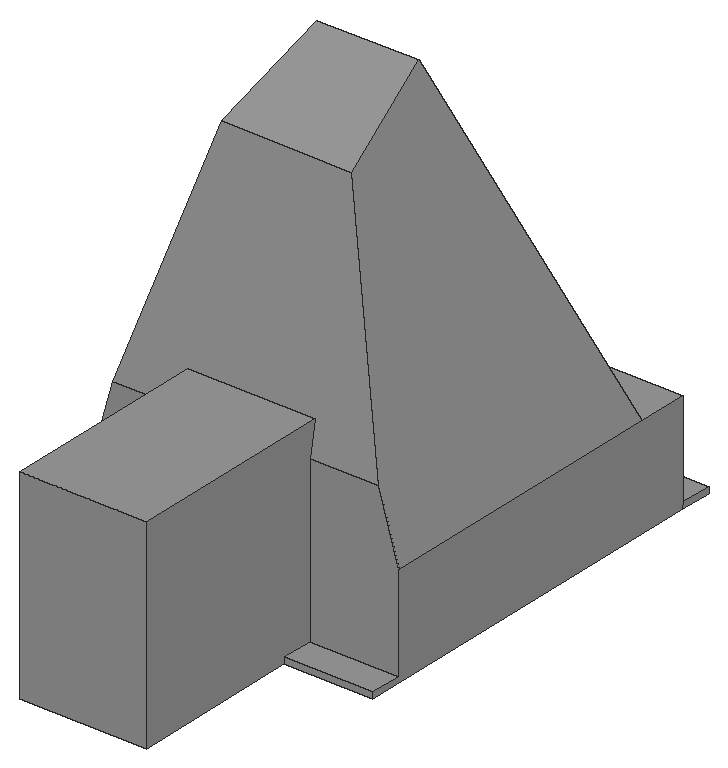
Revit family "Urinal-Willoughby-UW-1412-WO-FA-TS", category Plumbing Fixtures, Revit 2015
Parameters (values of type "Standard")
  Waste DIA = 1 1/2"
  Waste Connection = yes
  Vent Connection = no
  URL = "https://www.willoughby-ind.com/wp-content/uploads/2018/01/UW-1412-WO-FA.pdf"
  Type Comments = ""
  Revision = "A"
  Model = "UW-1412-WO-FA-TS"
  Manufacturer = "Willoughby Industries"
  HW Connection = no
  Flush Inlet DIA = 3/4"
  Flush Inlet Connection = yes
  Fixture Body = Stainless Steel AISI 304-Willoughby
  Description = "Wash out Urinal, Front Access, Top Spud"
  Default Elevation = 1' - 2"
  Contact Info. = "(800) 428-4065"
  CW Connection = no
Reference planes (in)
  plane 1 "Center (Front/Back)": y = 0
  plane 2: z = 0
  plane 3 "Center (Left/Right)": x = 0
Forms (in)
  Extrusion 1, solid, material "Stainless Steel AISI 304-Willoughby" <- "Fixture Body"
    sketch origin (0, 0, 0) x (1, 0, 0) y (0, 0, 1)
      loop
        line (-6, 4) -> (-6, 0) -> (6, 0) -> (6, 4) -> (-6, 4)
    from -14 to 0
  Extrusion 2, solid, material "Stainless Steel AISI 304-Willoughby" <- "Fixture Body"
    sketch origin (0, 0, -0.06446) x (0, 1, 0) y (0, 0, 1)
      loop
        line (0, 4.06446) -> (11.97238, 4.06446) -> (6, 18) -> (2, 16) -> (0, 6.75) -> (0, 4.06446)
    from -6 to 6
  Extrusion 3, void, detail levels fine
    sketch origin (0, 0, 0) x (1, 0, 0) y (0, 0, 1)
      loop
        line (2, 17.93554) -> (6, 4) -> (8.25, 4) -> (8.25, 17.93554) -> (2, 17.93554)
    from 0 to -14
  Extrusion 4, void, detail levels fine
    sketch origin (0, 0, 0) x (-1, 0, 0) y (0, 0, -1)
      loop
        line (2, -17.93554) -> (8.25, -17.93554) -> (8.25, -4) -> (6, -4) -> (2, -17.93554)
    from 0 to -14
  Extrusion 5, void, detail levels fine
    sketch origin (0, 0, 0) x (1, 0, 0) y (0, 0, 1)
      loop
        line (1.77095, 17.31054) -> (-1.77095, 17.31054) -> (-5.35277, 4) -> (5.35277, 4) -> (1.77095, 17.31054)
    from -5.08704 to -12.29395
  Extrusion 6, void, detail levels fine
    sketch origin (0, 0, 0) x (1, 0, 0) y (0, 0, 1)
      loop
        line (5.35277, 4) -> (-5.35277, 4) -> (-5.35277, 1) -> (5.35277, 1) -> (5.35277, 4)
    from -5.08704 to -11.91519
  Extrusion 7, solid, material "Stainless Steel AISI 304-Willoughby" <- "Fixture Body"
    sketch origin (0, 0, 0) x (0, 1, 0) y (0, 0, 1)
      loop
        line (0.2713, 8) -> (-8, 8) -> (-8, 0) -> (0.2713, 0) -> (0.2713, 8)
    from -2.5 to 2.5
  Extrusion 8, solid, material "Stainless Steel AISI 304-Willoughby" <- "Fixture Body"
    sketch origin (0, 0, 0) x (0, 1, 0) y (0, 0, 1)
      loop
        line (14, 0) -> (15.25, 0) -> (15.25, 0.25) -> (14, 0.25) -> (14, 0)
    from -6 to 6
  Extrusion 9, solid, material "Stainless Steel AISI 304-Willoughby" <- "Fixture Body"
    sketch origin (0, -15.25, 0) x (0, 1, 0) y (0, 0, 1)
      loop
        line (14, 0) -> (15.25, 0) -> (15.25, 0.25) -> (14, 0.25) -> (14, 0)
    from -6 to 6
  Extrusion 10, solid, material "Stainless Steel AISI 304-Willoughby" <- "Fixture Body"
    sketch origin (0, 0, 0) x (1, 0, 0) y (0, 1, 0)
      loop
        circle (0, -2.25) r 0.75
    from 0 to 1.45666
  Extrusion 11, solid
    sketch origin (0, 0, 0) x (1, 0, 0) y (0, 0, 1)
      loop
        circle (0, 2.75) r 0.375
    from -13 to -15.25
Cuts and joins
  Extrusion 3, Extrusion 4, Extrusion 5, Extrusion 6 cuts Extrusion 1
  Extrusion 3, Extrusion 4, Extrusion 5, Extrusion 6 cuts Extrusion 2
  joined: Extrusion 1, Extrusion 2, Extrusion 7, Extrusion 9
Lines and regions (in)
  symbolic lines
    curve 1: line (6, 0, 0) -> (-6, 0, 0)
    curve 2: line (-6, 0, 0) -> (-6, 11.97238, 0)
    curve 3: line (-6, 11.97238, 0) -> (6, 11.97238, 0)
    curve 4: line (-6, 11.97238, 0) -> (-6, 15.25, 0)
    curve 5: line (-6, 15.25, 0) -> (6, 15.25, 0)
    curve 6: line (6, 15.25, 0) -> (6, 11.97238, 0)
    curve 7: line (-6, 14, 0) -> (6, 14, 0)
    curve 8: line (6, 0, 0) -> (6, -1.25, 0)
    curve 9: line (6, -1.25, 0) -> (2.5, -1.25, 0)
    curve 10: line (-2.5, -1.25, 0) -> (-6, -1.25, 0)
    curve 11: line (-6, -1.25, 0) -> (-6, 0, 0)
    curve 12: line (2.5, 0.2713, 0) -> (2.5, -8, 0)
    curve 13: line (2.5, -8, 0) -> (-2.5, -8, 0)
    curve 14: line (-2.5, -8, 0) -> (-2.5, 0.2713, 0)
    curve 15: line (-2.5, 0.2713, 0) -> (2.5, 0.2713, 0)
    curve 16: line (-5.22915, 0, 0) -> (-2.57407, 2, 0)
    curve 17: line (-2.57407, 2, 0) -> (-2, 6, 0)
    curve 18: line (-2, 6, 0) -> (2, 6, 0)
    curve 19: line (2, 6, 0) -> (2.57407, 2, 0)
    curve 20: line (2.57407, 2, 0) -> (-2.57407, 2, 0)
    curve 21: line (5.22915, 0, 0) -> (2.57407, 2, 0)
    curve 22: line (-6, 11.97238, 0) -> (-2, 6, 0)
    curve 23: line (2, 6, 0) -> (6, 11.97238, 0)
    curve 24: line (5.35277, 11.97238, 0) -> (1.77095, 6.26786, 0)
    curve 25: line (1.77095, 6.26786, 0) -> (-1.77095, 6.26786, 0)
    curve 26: line (-1.77095, 6.26786, 0) -> (-5.35277, 11.97238, 0)
    curve 27: line (6, 0, 0) -> (6, 0, 4)
    curve 28: line (6, 0, 4) -> (2, 0, 17.93554)
    curve 29: line (2, 0, 17.93554) -> (-2, 0, 17.93554)
    curve 30: line (-2, 0, 17.93554) -> (-6, 0, 4)
    curve 31: line (-6, 0, 4) -> (-6, 0, 0)
    curve 32: line (-6, 0, 0) -> (6, 0, 0)
    curve 34: line (5.35277, 0, 1) -> (5.35277, 0, 4)
    curve 38: line (-5.35277, 0, 4) -> (-5.35277, 0, 1)
    curve 39: line (-5.35277, 0, 1) -> (5.35277, 0, 1)
    curve 41: line (0, -8, 0) -> (0, 15.25, 0)
    curve 42: line (0, 15.25, 0) -> (0, 15.25, 0.25)
    curve 43: line (0, 15.25, 0.25) -> (0, 14, 0.25)
    curve 44: line (0, 14, 0.25) -> (0, 14, 4)
    curve 45: line (0, 14, 4) -> (0, 0, 4)
    curve 46: line (0, 0, 4) -> (0, 0, 0.25)
    curve 47: line (0, 0, 0.25) -> (0, -1.25, 0.25)
    curve 48: line (0, -1.25, 0.25) -> (0, -1.25, 0)
    curve 49: line (0, 11.97238, 4) -> (0, 6, 17.93554)
    curve 50: line (0, 6, 17.93554) -> (0, 2, 15.93554)
    curve 51: line (0, 2, 15.93554) -> (0, 0, 6.68554)
    curve 52: line (0, 0, 6.68554) -> (0, 0, 0.25)
    curve 53: line (0, 0.28421, 8) -> (0, -8, 8)
    curve 54: line (0, -8, 8) -> (0, -8, 0)
    curve 55: line (6, 0, 4) -> (-6, 0, 4)
    curve 56: line (6, 11.97238, 0) -> (6, 0, 0)
  symbolic lines, detail levels medium+fine
    curve 33: line (6, 0, 0.25) -> (-6, 0, 0.25)
  symbolic lines, detail levels fine
    curve 35: line (5.35277, 0, 4) -> (1.77095, 0, 17.31054)
    curve 36: line (1.77095, 0, 17.31054) -> (-1.77095, 0, 17.31054)
    curve 37: line (-1.77095, 0, 17.31054) -> (-5.35277, 0, 4)
    curve 40: line (6, 0, 4) -> (-6, 0, 4)
Dimensions and locks (in)
  aligned and locked: cut or joined group 1 (Extrusion 1, Extrusion 2, Extrusion 3, Extrusion 4, Extrusion 5, Extrusion 6, Extrusion 7, Extrusion 9) to cut or joined group 1  (x13)
  aligned and locked: cut or joined group 1 to level
  aligned and locked: level to cut or joined group 1
  aligned and locked: level to Extrusion 8
  aligned and locked: curve 6 to curve 56
Connectors (in)
  piping at (0, -2.25, 0), diameter 1.5, driven by "Waste Connection", driven by "Waste DIA"
    settings: on Extrusion 10, index 3, connector inside diameter 1 1/2", connector length 0' - 0", flow factor 0, pipe flow 0 GPM, pressure drop 0.00 psi, fitting loss kfactor 0, connector angle 0.00°, fixture units 0, engagement length 0' - 0", angle of deflection 0.00°, flow configuration 0, flow direction 2, fitting loss method 0, system type 16, joint type 0, gender type 0, connector reference index -1, connector utility 1, adjustable connector yes, is connector primary yes, connector description "Urinal Waste"
  piping at (0, 15.25, 2.75), diameter 0.75
    settings: on Extrusion 11, index 4, connector inside diameter 24", connector length 0' - 0", flow factor 0, pipe flow 0 GPM, pressure drop 0.00 psi, fitting loss kfactor 0, connector angle 0.00°, fixture units 0, engagement length 0' - 0", angle of deflection 0.00°, flow configuration 0, flow direction 0, fitting loss method 0, system type 20, joint type 0, gender type 0, connector reference index -1, connector utility 0, adjustable connector no, is connector primary no, connector description ""
